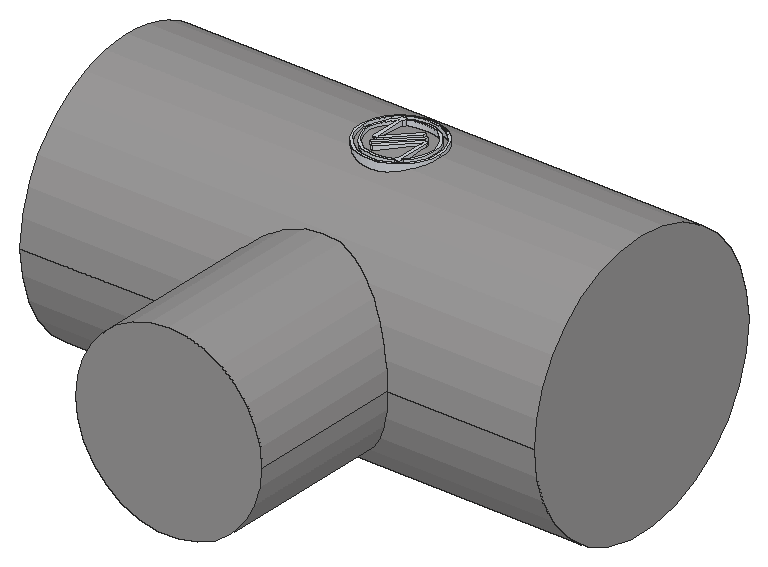
Revit family "PAM-GLOBAL® S Тройник", category Соединительные детали трубопроводов, Revit 2015
Parameters
  Угол 1 [instance] = if(Угол < 48.00°, 45.00°, if(Угол < 73.00°, 70.00°, if(Угол < 93.00°, 90.00°, if(Угол < 113.00°, 110.00°, if(Угол < 138.00°, 135.00°, 180.00°)))))  # 90.00°
  Угол [instance] = 90.00°
  Таблица коэффициентов K = "Converging/Diverging Tee/Wye"
  Поиск в таблице имен = "Тройник - SML"
  Номинальный радиус 1 [instance] = 40 mm
  Номинальный радиус 2 [instance] = 25 mm
  Номинальный диаметр 2 [instance] = Номинальный радиус 2 * 2  # 50 mm
  Номинальный диаметр 1 [instance] = Номинальный радиус 1 * 2  # 80 mm
  Наружный радиус фитинга 1 [instance] = Наружный диаметр фитинга 1 / 2  # 41.5 mm
  Наружный радиус фитинга 2 [instance] = Наружный диаметр фитинга 2 / 2  # 29 mm
  Наружный диаметр фитинга 2 [instance] = size_lookup(Поиск в таблице имен, "FOD", Номинальный диаметр 2 + 3.2 mm, Номинальный диаметр 2)  # 58 mm
  Наружный диаметр фитинга 1 [instance] = size_lookup(Поиск в таблице имен, "FOD", Номинальный диаметр 1 + 3.2 mm, Номинальный диаметр 1)  # 83 mm
  Метод определения потерь = Табличный коэффициент K
  Материал = Чугун серый (по методу De Lavaud) с графитом розеточной формы
  Код по классификатору = "01 21 10 00"
  Изготовитель = "PAM-GLOBAL (Инрусстрейд)"
  Артикул [instance] = size_lookup(Поиск в таблице имен, "", "Неопределено", Номинальный диаметр 1)  # "173786"
  x3 [instance] = size_lookup(Поиск в таблице имен, "x3", Номинальный диаметр 1 + 3.2 mm, Номинальный диаметр 1, Номинальный диаметр 2, Угол 1)  # 75 mm
  x2 [instance] = size_lookup(Поиск в таблице имен, "x2", Номинальный диаметр 1 + 3.2 mm, Номинальный диаметр 1, Номинальный диаметр 2, Угол 1)  # 90 mm
  x1 [instance] = size_lookup(Поиск в таблице имен, "x1", Номинальный диаметр 1 + 3.2 mm, Номинальный диаметр 1, Номинальный диаметр 2, Угол 1)  # 85 mm
  URL = "https://inrusstrade.ru/ru/categories/16/series/40/groups/73"
Reference planes
  plane 1 "По центру (Вперед/Назад)": y = 0
  plane 2: z = 0
  plane 3 "По центру (Влево/Вправо)": x = 0
  plane 4: x = -85
  plane 5: x = 75
Forms (mm)
  Sweep 1, solid, material "Чугун серый (по методу De Lavaud) с графитом розеточной формы" <- "Материал", detail levels medium+fine
    path in 3D
      loop
        line (-85, 0, 0) -> (75, 0, 0)
    profile origin (-5, 0, 0) x (0, 1, 0) y (0, 0, 1)
      loop
        circle (0, 0) r 41.5
  Sweep 2, solid, material "Чугун серый (по методу De Lavaud) с графитом розеточной формы" <- "Материал", detail levels medium+fine
    path in 3D
      loop
        line (0, 0, 0) -> (0, -90, 0)
    profile origin (0, -45, 0) x (1, 0, 0) y (0, 0, 1)
      loop
        circle (0, 0) r 29
Cuts and joins
  joined: Sweep 1, Sweep 2
Lines and regions (mm)
  model lines, detail levels coarse
    curve 1: line (-85, 0, 0) -> (75, 0, 0)
    curve 2: line (0, 0, 0) -> (0, -90, 0)
  sketch lines
    curve 3: line (-85, 0, 0) -> (75, 0, 0)
    curve 4: line (0, 0, 0) -> (0, -90, 0)
Dimensions and locks
  "x1": plane 4 to plane 3 "По центру (Влево/Вправо)"
  "x3": plane 3 "По центру (Влево/Вправо)" to plane 5
  "x2": curve 2 to curve 2
  "Наружный диаметр фитинга 1": diameter of Sweep 1 sketch curve
  "Наружный диаметр фитинга 2": diameter of Sweep 2 sketch curve
  "Угол": angle curve 2 to plane 1 "По центру (Вперед/Назад)"
  aligned and locked: level to plane 2
  aligned and locked: plane 4 to curve 1
  aligned and locked: plane 5 to curve 1
  aligned and locked: plane 3 "По центру (Влево/Вправо)" to curve 2
  aligned and locked: plane 1 "По центру (Вперед/Назад)" to curve 2
  aligned and locked: plane 1 "По центру (Вперед/Назад)" to curve 1
Automatic sketch dimensions
  Sweep 1 sketch curve to profile plane = 0 mm  (x2)
  profile plane to Sweep 2 sketch curve = 0 mm
  Sweep 2 sketch curve to profile plane = 0 mm
Nested families
  nested 1: "Лого" at (-0.001, 0.001, 41.5) x (1, 0, 0) z (0, 0, 1), type "Инрусстрейд"
Connectors
  piping at (-85, 0, 0), diameter 80, driven by "Номинальный радиус 1"
    settings: on cut or joined group of Sweep 1, Sweep 2, index 1, connector inside diameter 609.6 mm, connector length 0 mm, flow factor 0, pipe flow 0.0 L/s, pressure drop 0.0 Pa, fitting loss kfactor 0, connector angle 0.00°, fixture units 0, engagement length 0 mm, angle of deflection 0.00°, flow configuration 0, flow direction 0, fitting loss method 0, system type 28, joint type 0, gender type 0, connector reference index 3, connector utility 0, adjustable connector no, is connector primary yes, connector description ""
  piping at (0, -90, 0), diameter 50, driven by "Номинальный радиус 2", driven by "Угол"
    settings: on cut or joined group of Sweep 1, Sweep 2, index 2, connector inside diameter 609.6 mm, connector length 0 mm, flow factor 0, pipe flow 0.0 L/s, pressure drop 0.0 Pa, fitting loss kfactor 0, connector angle 90.00°, fixture units 0, engagement length 0 mm, angle of deflection 0.00°, flow configuration 0, flow direction 0, fitting loss method 0, system type 28, joint type 0, gender type 0, connector reference index -1, connector utility 0, adjustable connector no, is connector primary no, connector description ""
  piping at (75, 0, 0), diameter 80, driven by "Номинальный радиус 1"
    settings: on cut or joined group of Sweep 1, Sweep 2, index 3, connector inside diameter 609.6 mm, connector length 0 mm, flow factor 0, pipe flow 0.0 L/s, pressure drop 0.0 Pa, fitting loss kfactor 0, connector angle 0.00°, fixture units 0, engagement length 0 mm, angle of deflection 0.00°, flow configuration 0, flow direction 0, fitting loss method 0, system type 28, joint type 0, gender type 0, connector reference index 1, connector utility 0, adjustable connector no, is connector primary no, connector description ""
Definition of nested family "Лого"
  Parameters (values of type "Семейство1")
    Default Elevation = 1219.2 mm
  Reference planes
    plane 1 "По центру (Вперед/Назад)": y = 0
    plane 2: z = 0
    plane 3 "По центру (Влево/Вправо)": x = 0
  Forms (mm)
    Extrusion 1, solid
      sketch origin (0, 0, 0) x (1, 0, 0) y (0, 1, 0)
        loop
          line (-1219.2, 1219.2) -> (-1219.2, -1219.2) -> (1219.2, -1219.2) -> (1219.2, 1219.2) -> (-1219.2, 1219.2)
      from 0 to -304.8
    Extrusion 2, solid
      sketch origin (0, 0, 0) x (1, 0, 0) y (0, 1, 0)
        loop
          line (6.379, 2.303) -> (6.379, -7.307)
          arc (6.379, -7.307) -> (7.877, 5.661) -> (-4.891, 8.377) r 9.7
          arc (-4.891, 8.377) -> (-4.919, 7.72) -> (-5.348, 7.222) r 1
          line (-5.348, 7.222) -> (-5.348, -1.837) -> (2.452, 5.964)
          arc (2.452, 5.964) -> (3.159, 5.964) -> (3.159, 5.257) r 0.5
          line (3.159, 5.257) -> (-4.983, -2.885)
          arc (-4.983, -2.885) -> (-5.855, -3.059) -> (-6.348, -2.32) r 0.8
          line (-6.348, -2.32) -> (-6.348, 7.334)
          arc (-6.348, 7.334) -> (-7.878, -5.659) -> (4.923, -8.358) r 9.7
          arc (4.923, -8.358) -> (4.949, -7.699) -> (5.379, -7.199) r 1
          line (5.379, -7.199) -> (5.379, 1.82) -> (-3.111, -6.67)
          arc (-3.111, -6.67) -> (-3.818, -6.67) -> (-3.818, -5.963) r 0.5
          line (-3.818, -5.963) -> (5.014, 2.869)
          arc (5.014, 2.869) -> (5.886, 3.042) -> (6.379, 2.303) r 0.8
        loop
          arc (6.818, -7.72) -> (8.335, 6.051) -> (-5.23, 8.874) r 10.3
          arc (-5.23, 8.874) -> (-6.434, 8.898) -> (-6.788, 7.746) r 1
          arc (-6.788, 7.746) -> (-8.335, -6.051) -> (5.264, -8.853) r 10.3
          arc (5.264, -8.853) -> (6.469, -8.873) -> (6.818, -7.72) r 1
        loop
          line (-4.541, -5.241) -> (4.735, 4.035)
          arc (4.735, 4.035) -> (4.735, 4.742) -> (4.028, 4.742) r 0.5
          line (4.028, 4.742) -> (-5.248, -4.533)
          arc (-5.248, -4.533) -> (-5.248, -5.241) -> (-4.541, -5.241) r 0.5
        loop
          circle (0, 0) r 12.3
        loop
          circle (0, 0) r 11.7
      from -30 to 0.5
  Dimensions and locks
    aligned and locked: plane 2 to Extrusion 1
    aligned and locked: level to Extrusion 1
